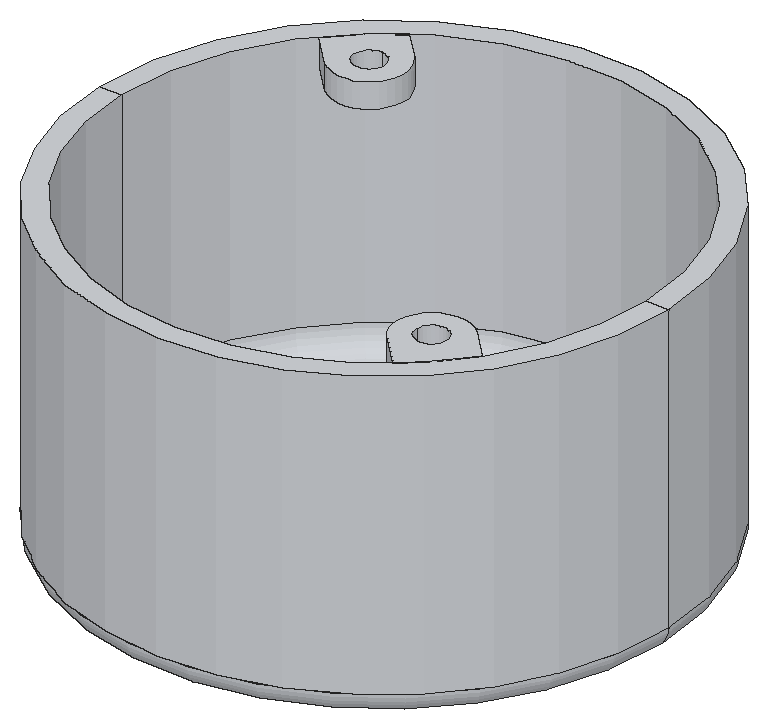
Revit family "LP1B", category Generic Models, Revit 2017
Family settings
  Can host rebar = No
  Round Connector Dimension = Use Diameter
  Part Type = Normal
  Work Plane-Based = Yes
  Always vertical = No
  Cut with Voids When Loaded = No
  Shared = No
  Room Calculation Point = No
Parameters (values of type "NBS Standard Parameters")
  Weight = "0.1255Kg"
  WarrantyStartDate [instance] = "1900-12-31T23:59:59"
  WarrantyGuarantorParts = "n/a"
  WarrantyGuarantorLabor = "n/a"
  WarrantyDurationUnit = "1 year"
  WarrantyDurationParts = "n/a"
  WarrantyDurationLabor = "n/a"
  WarrantyDescription = "n/a"
  Version = "1"
  Uniclass2 = "Pr_65_70_11_20"
  TagNumber [instance] = "n/a"
  SustainabilityPerformance = "n/a"
  Size = "1 Hole"
  Shape = "Circular"
  SerialNumber [instance] = "n/a"
  Revision = "n/a"
  ReplacementCost = "n/a"
  ProductInformation = "www.metpro.co.uk/pdf/LP1G.pdf"
  NominalWidth = 66 mm
  NominalLength = 66 mm
  NominalHeight = 32.5 mm
  Name = ""
  NBSTypeID = ""
  NBSReference = "90-55-10/460"
  NBSOfficeMasterTag = ""
  NBSNote = ""
  NBSDescription = "Conduit Fittings"
  NBSCertification = ""
  ModelReference = "LP1B"
  ModelNumber = "n/a"
  Material = "Mild Steel"
  ManufacturerURL = "www.metpro.co.uk"
  ManufacturerName = "Metpro Ltd"
  Keynote = "Compliant To Lu Standard 1-085"
  InstallationDate [instance] = "1900-12-31T23:59:59"
  IfcExportType = ""
  IfcExportAs = ""
  Grade = "n/a"
  Finish = "Black"
  Features = "n/a"
  ExpectedLife = "n/a"
  DurationUnit = "year"
  Description = "LP1B One Hole Loopin Box"
  Default Elevation = 1219.2 mm
  Constituents = "n/a"
  Color = "n/a"
  CodePerformance = "n/a"
  Category = "n/a"
  BarCode [instance] = "n/a"
  BIMObjectName = "Metpro_metprolibrary_Conduitfittings_Metalcomponent_Steelaccessories"
  Author = "Metpro Ltd"
  AssetType = ""
  AssetIdentifier [instance] = "n/a"
  AccessibilityPerformance = "n/a"
Reference planes
  plane 1 "Center (Front/Back)": y = 0
  plane 2: z = 0
  plane 3 "Center (Left/Right)": x = 0
Forms (mm)
  Revolve 1, solid
    sketch origin (155.469, 918.203, 707.693) x (1, 0, 0) y (0, 0, 1)
      loop
        line (-32.5, 45.041) -> (-32.5, 12.5)
        arc (-32.5, 12.5) -> (-31.768, 10.732) -> (-30, 10) r 2.5
        line (-30, 10) -> (-10, 10) -> (-10, 12.541) -> (-27, 12.541)
        arc (-27, 12.541) -> (-29.121, 13.42) -> (-30, 15.541) r 3
        line (-30, 15.541) -> (-30, 45.041) -> (-32.5, 45.041)
      axis (0, 10) -> (0, 45.041)
    angle from 0 to 360
  Extrusion 2, solid
    sketch origin (155.469, 918.203, 752.734) x (0, 1, 0) y (-1, 0, 0)
      loop
        arc (-13.805, -21.577) -> (-13.887, -16.02) -> (-19.441, -15.821) r 4.033
        line (-19.441, -15.821) -> (-22.946, -19.326)
        arc (-22.946, -19.326) -> (-20.14, -22.235) -> (-16.968, -24.74) r 30
        line (-16.968, -24.74) -> (-13.805, -21.577)
      loop
        circle (-16.769, -18.842) r 1.752
      loop
        line (21.577, 13.805) -> (24.74, 16.968)
        arc (24.74, 16.968) -> (22.235, 20.14) -> (19.326, 22.946) r 30
        line (19.326, 22.946) -> (15.821, 19.441)
        arc (15.821, 19.441) -> (16.02, 13.887) -> (21.577, 13.805) r 4.033
      loop
        circle (18.842, 16.769) r 1.752
    from -2.782 to 0
Dimensions and locks
  aligned and locked: level to plane 2
